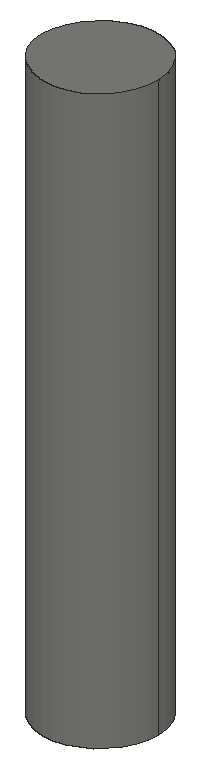
Revit family "Concrete - Round (column)", category Structural Columns, Revit 2019
Family settings
  Display in Hidden Views = Edges Hidden by Other Members
  Section Shape = Not Defined
  Material for Model Behavior = Concrete
  Always export as geometry = No
  Beam cutback in plan = From geometry
  Cut with Voids When Loaded = No
  Symbolic Representation = From Family
  Shared = No
  Show family pre-cut in plan views = Yes
Parameters (values of type "Concrete - Round (column)")
  d = 200 mm
  Structural Material = Concrete
  Creator Organization [instance] = "© Danish Educational Content"  # constant formula
  Creator Name [instance] = "© Erik Falck Jørgensen"  # constant formula
  Creator Build [instance] = "2018.0420.0"  # constant formula
Reference planes
  plane 1 "Center (Front/Back)": y = 0
  plane 2: z = 0
  plane 3 "Center (Left/Right)": x = 0
  plane 4: x = -100
  plane 5: x = 100
  plane 6: y = 100
  plane 7: y = -100
Forms (mm)
  Extrusion 1, solid, material "Concrete" <- "Structural Material"
    sketch origin (0, 0, 0) x (1, 0, 0) y (0, 1, 0)
      loop
        circle (0, 0) r 100
    from 0 to 1000
Dimensions and locks
  equal spacing: plane 4, plane 3 "Center (Left/Right)", plane 5
  equal spacing: plane 7, plane 1 "Center (Front/Back)", plane 6
  "d": plane 7 to plane 6
  "d": plane 4 to plane 5
  aligned and locked: level to Extrusion 1
  aligned and locked: level to plane 2
  aligned and locked: Extrusion 1 to plane 2
Automatic sketch dimensions
  Extrusion 1 sketch curve to plane 1 "Center (Front/Back)" = 0 mm
  Extrusion 1 sketch curve to plane 4 = 0 mm
  Extrusion 1 sketch curve to plane 3 "Center (Left/Right)" = 0 mm
Types in the file's own list only (14): name | d
  180 mm | 180 mm
  200 mm | 200 mm
  225 mm | 225 mm
  250 mm | 250 mm
  280 mm | 280 mm
  300 mm | 300 mm
  320 mm | 320 mm
  350 mm | 350 mm
  360 mm | 360 mm
  400 mm | 400 mm
  450 mm | 450 mm
  500 mm | 500 mm
  600 mm | 600 mm
  750 mm | 750 mm
